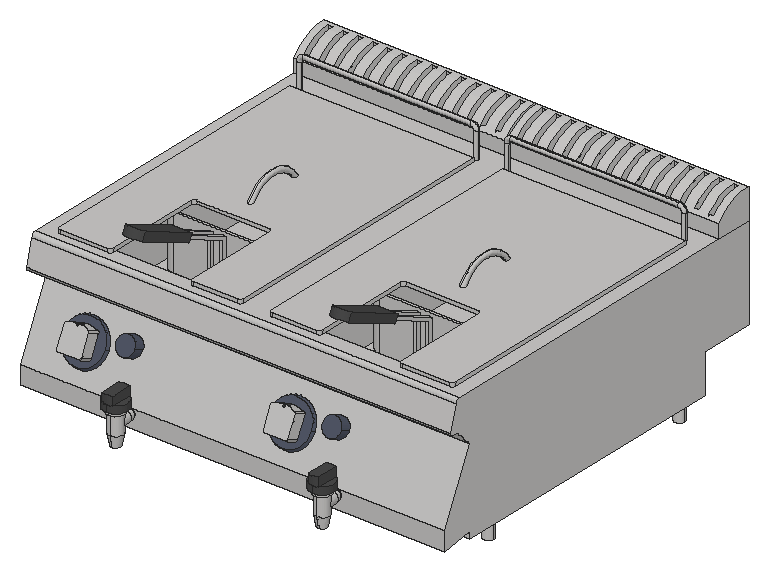
Revit family "QF_ZANUSSI_372067_Z7FRGH2B00", category Specialty Equipment, Revit 2018
Family settings
  Round Connector Dimension = Use Diameter
  Part Type = Normal
  Work Plane-Based = No
  Always vertical = Yes
  Cut with Voids When Loaded = No
  Shared = No
  Room Calculation Point = No
Parameters
  Width = 800 mm  # constant formula
  Weight in Pounds = 132  # constant formula
  Weight = 0.00 kg
  Watts = 0 W
  Volts = 0 V
  URL Manufacturer = "http://www.zanussiprofessional.com"
  URL Cutsheet = "www.electrolux.com/foodservice"
  URL = "http://www.zanussiprofessional.com"
  Type Mark [instance] = ""
  Steam Supply Size = 0"
  Steam Supply Minimum Pressure = 0.00 psi
  Steam Supply Maximum Pressure = 0.00 psi
  Steam Pounds per Hour = 0
  Status [instance] = ""
  Specification by User [instance] = ""
  Specification by Manufacturer = ""
  Show Logo [instance] = yes
  Show Clearance [instance] = yes
  Serial Number = ""
  Seismic Rating = ""
  SMACNA No = ""
  Revision Code [instance] = ""
  Refrigeration Suction Line Size = 0"
  Refrigeration Liquid Line Size = 0"
  Refrigerant Compressor Remote = yes
  Phase = 0
  Omniclass Number and Title = ""
  NAFEM Spec ID Number = ""
  Model = "Z7FRGH2B00"
  Mechanical Remarks [instance] = ""
  Mechanical Connection Type [instance] = ""
  Masterspec = ""
  Manufacturer = "Zanussi"
  Length Actual = 800 mm  # constant formula
  Item Number [instance] = "372067"
  Installed By [instance] = ""
  Identify Quantity as Lot [instance] = yes
  Hot Water Size = 0"
  Height Actual = 250 mm  # constant formula
  Height = 333 mm  # constant formula
  HP = "0 HP"
  Gas Size = 1/2"  # constant formula
  Gas RI Height [instance] = 0 mm
  Gas KW [instance] = 14  # constant formula
  Gas Input [instance] = 47726.0 Btu/h  # constant formula
  Gas Connection Height = 0 mm
  Furnished By [instance] = ""
  Foodservice Equipment Identifier [instance] = yes
  Direct Waste Size = 0"
  Description = "2X7 LITRE GAS FRYER TOP 800 MM"
  Depth Actual = 700 mm  # constant formula
  Depth = 715 mm  # constant formula
  Cycle = 0 Hz
  Condensate Return Size = 0"
  Compressed Air Volume = 0 GPM
  Compressed Air Size = 0"
  Compressed Air Pressure = 0.00 psi
  Cold Water Size = 0"
  CSI MasterFormat = ""
  CSI Master Format = ""
  Base Height [instance] = 25 mm  # constant formula
  Accessory = yes
Reference planes
  plane 1 "BACK": y = 0
  plane 2: z = 0
  plane 3 "LEFT": x = 0
  plane 4 "RIGHT": x = 800
  plane 5 "FRONT": y = -715
  plane 6 "TOP": z = 333
  plane 7 "Center Y": x = 400
  plane 8 "Center X": y = -357.5
  plane 9 "BASE": z = 25
  plane 10 "TOP A": z = 275
  plane 11: y = -597.884
  plane 12: y = -147.637
  plane 13: z = 366.313
  plane 14 "panel": through (-6096, -715, 65.146) normal (0, 0.8956, -0.4448)
Forms (mm)
  Extrusion 1, solid, material "QF_Finishes_Stainless Steel"
    sketch origin (0, 0, 0) x (0, 1, 0) y (0, 0, 1)
      loop
        line (0, 99) -> (0, 275) -> (-679.358, 275)
        arc (-679.358, 275) -> (-684.643, 272.811) -> (-686.833, 267.526) r 7.474
        line (-686.833, 267.526) -> (-699.884, 222.011)
        arc (-699.884, 222.011) -> (-699.396, 219.379) -> (-697, 218.184) r 3
        line (-697, 218.184) -> (-686.802, 218.184) -> (-654.982, 186.364) -> (-715, 65.508) -> (-715, 30.508) -> (-658.645, 38.428)
        arc (-658.645, 38.428) -> (-656.101, 37.674) -> (-655, 35.259) r 3.2
        line (-655, 35.259) -> (-655, 25) -> (-103, 25) -> (-103, 99) -> (0, 99)
    from 0 to 800
  Extrusion 2, solid, material "QF_Finishes_Stainless Steel"
    sketch origin (0, 0, 0) x (0, 1, 0) y (0, 0, 1)
      loop
        line (0, 275) -> (0, 333)
        arc (0, 333) -> (-38.715, 324.821) -> (-69.85, 300.4) r 87.358
        line (-69.85, 300.4) -> (-69.85, 275) -> (0, 275)
    from 0 to 800
  Extrusion 3, void
    sketch origin (0, 0, 275) x (-1, 0, 0) y (0, -1, 0)
      loop
        line (-33.338, 147.762) -> (-33.338, 651.138) -> (-373.012, 651.138) -> (-373.012, 147.762) -> (-33.338, 147.762)
      loop
        line (-766.662, 650.986) -> (-766.662, 147.762) -> (-426.987, 147.762) -> (-426.987, 650.986) -> (-766.662, 650.986)
    from 0 to -152.4
  Extrusion 4, void
    sketch origin (0, 0, 275) x (-1, 0, 0) y (0, -1, 0)
      loop
        line (-13.453, 6.761) -> (-13.453, 63.911) -> (-22.749, 63.911) -> (-22.749, 6.761) -> (-13.453, 6.761)
    from 25.4 to 63.5
  Extrusion 5, solid, material "QF_Finishes_Stainless Steel"
    sketch origin (0, 0, 0) x (1, 0, 0) y (0, 1, 0)
      loop
        circle (11.112, -147.638) r 9.525
      loop
        circle (11.112, -597.884) r 9.525
      loop
        circle (788.887, -147.638) r 9.525
      loop
        circle (788.887, -597.884) r 9.525
    from 0 to 25
  Revolve 6, solid, material "QF_Finishes_Stainless Steel"
    sketch origin (206.375, 0, 0) x (0, 1, 0) y (0, 0, 1)
      loop
        line (-747.926, 16.877) -> (-738.917, 16.877) -> (-735.301, 37.388) -> (-735.301, 73.729) -> (-732.023, 73.729) -> (-732.023, 81.608) -> (-725.673, 81.608) -> (-725.673, 94.308) -> (-747.926, 94.308) -> (-747.926, 16.877)
      axis (-747.926, 16.877) -> (-747.926, 94.308)
    angle from 0 to 360
  Revolve 7, solid, material "QF_Finishes_Stainless Steel"
    sketch origin (206.375, 0, 0) x (0, 1, 0) y (0, 0, 1)
      loop
        line (-698.522, 56.75) -> (-749.322, 56.75) -> (-749.322, 44.447) -> (-727.357, 44.447) -> (-727.357, 46.149) -> (-718.364, 46.149) -> (-718.364, 48.196) -> (-698.522, 48.196) -> (-698.522, 56.75)
      axis (-749.322, 56.75) -> (-698.522, 56.75)
    angle from 0 to 360
  Revolve 8, solid, material "QF_Finishes_Stainless Steel"
    sketch origin (595.312, 0, 0) x (0, 1, 0) y (0, 0, 1)
      loop
        line (-747.926, 16.877) -> (-738.917, 16.877) -> (-735.301, 37.388) -> (-735.301, 73.729) -> (-732.023, 73.729) -> (-732.023, 81.608) -> (-725.673, 81.608) -> (-725.673, 94.308) -> (-747.926, 94.308) -> (-747.926, 16.877)
      axis (-747.926, 16.877) -> (-747.926, 94.308)
    angle from 0 to 360
  Revolve 9, solid, material "QF_Finishes_Stainless Steel"
    sketch origin (595.312, 0, 0) x (0, 1, 0) y (0, 0, 1)
      loop
        line (-698.522, 56.75) -> (-749.322, 56.75) -> (-749.322, 44.447) -> (-727.357, 44.447) -> (-727.357, 46.149) -> (-718.364, 46.149) -> (-718.364, 48.196) -> (-698.522, 48.196) -> (-698.522, 56.75)
      axis (-749.322, 56.75) -> (-698.522, 56.75)
    angle from 0 to 360
  Extrusion 10, solid, material "QF_Finishes_Black"
    sketch origin (206.375, -747.926, 94.308) x (0, 1, 0) y (-1, 0, 0)
      loop
        line (20.063, 9.626) -> (-20.063, 9.626)
        arc (-20.063, 9.626) -> (-22.253, 0) -> (-20.063, -9.626) r 22.253
        line (-20.063, -9.626) -> (20.063, -9.626)
        arc (20.063, -9.626) -> (22.253, 0) -> (20.063, 9.626) r 22.253
      loop
        line (20.063, -379.312) -> (-20.063, -379.312)
        arc (-20.063, -379.312) -> (-22.253, -388.937) -> (-20.063, -398.563) r 22.253
        line (-20.063, -398.563) -> (20.063, -398.563)
        arc (20.063, -398.563) -> (22.253, -388.937) -> (20.063, -379.312) r 22.253
    from 0 to 16.412
  Extrusion 11, solid, material "QF_Finishes_Stainless Steel"
    sketch origin (0, -101.6, 103.188) x (0, 0, -1) y (-1, 0, 0)
      loop
        circle (44.282, -736.5) r 6.35
    from 0 to 12.7
  Extrusion 12, solid, material "QF_Finishes_Clearance", visible <- "Show Clearance", detail levels coarse
    sketch origin (0, 0, 0) x (1, 0, 0) y (0, 1, 0)
      loop
        line (0, -715) -> (0, 0) -> (800, 0) -> (800, -715) -> (950.019, -715) -> (950.019, 150.019) -> (-150.019, 150.019) -> (-150.019, -715) -> (0, -715)
    from 0 to 333
  Extrusion 13, solid, material "QF_Finishes_Stainless Steel"
    sketch origin (0, 0, 274.638) x (-1, 0, 0) y (0, -1, 0)
      loop
        arc (-26.988, 655.762) -> (-28.847, 660.252) -> (-33.338, 662.112) r 6.35
        line (-33.338, 662.112) -> (-122.238, 662.112)
        arc (-122.238, 662.112) -> (-126.728, 660.252) -> (-128.588, 655.762) r 6.35
        line (-128.588, 655.762) -> (-128.588, 473.512)
        arc (-128.588, 473.512) -> (-130.447, 469.021) -> (-134.938, 467.162) r 6.35
        line (-134.938, 467.162) -> (-271.412, 467.162)
        arc (-271.412, 467.162) -> (-275.903, 469.021) -> (-277.762, 473.512) r 6.35
        line (-277.762, 473.512) -> (-277.762, 655.762)
        arc (-277.762, 655.762) -> (-279.622, 660.252) -> (-284.112, 662.112) r 6.35
        line (-284.112, 662.112) -> (-366.662, 662.112)
        arc (-366.662, 662.112) -> (-371.153, 660.252) -> (-373.012, 655.762) r 6.35
        line (-373.012, 655.762) -> (-373.012, 112.837) -> (-26.988, 112.837) -> (-26.988, 655.762)
      loop
        line (-773.012, 655.762) -> (-773.012, 112.837) -> (-426.987, 112.837) -> (-426.987, 655.762)
        arc (-426.987, 655.762) -> (-428.847, 660.252) -> (-433.337, 662.112) r 6.35
        line (-433.337, 662.112) -> (-515.887, 662.112)
        arc (-515.887, 662.112) -> (-520.378, 660.252) -> (-522.237, 655.762) r 6.35
        line (-522.237, 655.762) -> (-522.237, 473.512)
        arc (-522.237, 473.512) -> (-524.097, 469.021) -> (-528.587, 467.162) r 6.35
        line (-528.587, 467.162) -> (-665.062, 467.162)
        arc (-665.062, 467.162) -> (-669.553, 469.021) -> (-671.412, 473.512) r 6.35
        line (-671.412, 473.512) -> (-671.412, 655.762)
        arc (-671.412, 655.762) -> (-673.272, 660.252) -> (-677.762, 662.112) r 6.35
        line (-677.762, 662.112) -> (-766.662, 662.112)
        arc (-766.662, 662.112) -> (-771.153, 660.252) -> (-773.012, 655.762) r 6.35
    from 0 to 6.35
  Sweep 14, solid, material "QF_Finishes_Stainless Steel"
    path origin (0, 36.513, 0) x (1, 0, 0) y (0, 0, 1)
      loop
        line (39.688, 275) -> (39.688, 323.475)
        arc (39.688, 323.475) -> (41.547, 327.965) -> (46.038, 329.825) r 6.35
        line (46.038, 329.825) -> (362.669, 329.825)
        arc (362.669, 329.825) -> (367.16, 327.965) -> (369.019, 323.475) r 6.35
        line (369.019, 323.475) -> (369.019, 275)
    profile origin (39.688, 36.513, 299.238) x (-1, 0, 0) y (0, -1, 0)
      loop
        circle (2.09, 140.754) r 3.827
  Extrusion 15, solid, material "QF_Finishes_Black"
    sketch origin (271.462, -708.83, 366.66) x (0, 0.906308, -0.422618) y (-1, 0, 0)
      loop
        line (10.103, 47.37) -> (128.716, 47.37) -> (128.716, 84.605) -> (10.103, 84.605)
        arc (10.103, 84.605) -> (-0.124, 65.987) -> (10.103, 47.37) r 22.059
    from -15.884 to 0
  Extrusion 16, solid, material "QF_Finishes_Stainless Steel"
    sketch origin (271.463, 41.275, 0) x (0, 1, 0) y (0, 0, 1)
      loop
        line (-547.91, 166) -> (-547.91, 267.478) -> (-635.463, 308.305) -> (-638.147, 302.55) -> (-554.26, 263.433) -> (-554.26, 166) -> (-547.91, 166)
    from -80.476 to -74.619
  Extrusion 17, solid, material "QF_Finishes_Stainless Steel"
    sketch origin (139.588, 41.275, 0) x (0, 1, 0) y (0, 0, -1)
      loop
        line (-554.26, -263.433) -> (-638.147, -302.55) -> (-635.463, -308.305) -> (-547.91, -267.478) -> (-547.91, -166) -> (-554.26, -166) -> (-554.26, -263.433)
    from -80.476 to -74.619
  Sweep 18, solid, material "QF_Finishes_Stainless Steel"
    path origin (200.025, -0.124, 0) x (0, 1, 0) y (0, 0, 1)
      loop
        arc (-315.761, 275) -> (-370.2, 308.779) -> (-424.639, 275) r 60.757
    profile origin (200.025, -370.324, 308.779) x (0, 0, -1) y (1, 0, 0)
      loop
        circle (0, 0) r 4.353
  Sweep 19, solid, material "QF_Finishes_Stainless Steel"
    path origin (600.075, -0.124, 0) x (0, 1, 0) y (0, 0, -1)
      loop
        arc (-315.761, -275) -> (-370.2, -308.779) -> (-424.639, -275) r 60.757
    profile origin (600.075, -370.324, 308.779) x (0, 0, 1) y (-1, 0, 0)
      loop
        circle (0, 0) r 4.353
  Extrusion 20, solid, material "QF_Finishes_Black"
    sketch origin (528.637, -708.83, 366.66) x (0, 0.906308, -0.422618) y (-1, 0, 0)
      loop
        arc (10.103, -47.27) -> (-0.124, -65.887) -> (10.103, -84.505) r 22.059
        line (10.103, -84.505) -> (128.716, -84.505) -> (128.716, -47.27) -> (10.103, -47.27)
    from -15.884 to 0
  Extrusion 21, solid, material "QF_Finishes_Mesh"
    sketch origin (0, 0, 275) x (-1, 0, 0) y (0, -1, 0)
      loop
        arc (-116.625, 189.135) -> (-98.665, 196.575) -> (-91.225, 214.535) r 25.4
        line (-91.225, 214.535) -> (-91.225, 473.61)
        arc (-91.225, 473.61) -> (-98.665, 491.571) -> (-116.625, 499.01) r 25.4
        line (-116.625, 499.01) -> (-294.375, 499.01)
        arc (-294.375, 499.01) -> (-312.336, 491.571) -> (-319.775, 473.61) r 25.4
        line (-319.775, 473.61) -> (-319.775, 214.535)
        arc (-319.775, 214.535) -> (-312.336, 196.575) -> (-294.375, 189.135) r 25.4
        line (-294.375, 189.135) -> (-116.625, 189.135)
      loop
        arc (-116.625, 192.31) -> (-100.91, 198.82) -> (-94.4, 214.535) r 22.225
        line (-94.4, 214.535) -> (-94.4, 473.61)
        arc (-94.4, 473.61) -> (-100.91, 489.326) -> (-116.625, 495.835) r 22.225
        line (-116.625, 495.835) -> (-294.375, 495.835)
        arc (-294.375, 495.835) -> (-310.091, 489.326) -> (-316.6, 473.61) r 22.225
        line (-316.6, 473.61) -> (-316.6, 214.535)
        arc (-316.6, 214.535) -> (-310.091, 198.82) -> (-294.375, 192.31) r 22.225
        line (-294.375, 192.31) -> (-116.625, 192.31)
      loop
        line (-683.375, 189.135) -> (-505.625, 189.135)
        arc (-505.625, 189.135) -> (-487.664, 196.575) -> (-480.225, 214.535) r 25.4
        line (-480.225, 214.535) -> (-480.225, 473.61)
        arc (-480.225, 473.61) -> (-487.664, 491.571) -> (-505.625, 499.01) r 25.4
        line (-505.625, 499.01) -> (-683.375, 499.01)
        arc (-683.375, 499.01) -> (-701.335, 491.571) -> (-708.775, 473.61) r 25.4
        line (-708.775, 473.61) -> (-708.775, 214.535)
        arc (-708.775, 214.535) -> (-701.335, 196.575) -> (-683.375, 189.135) r 25.4
      loop
        line (-683.375, 192.31) -> (-505.625, 192.31)
        arc (-505.625, 192.31) -> (-489.909, 198.82) -> (-483.4, 214.535) r 22.225
        line (-483.4, 214.535) -> (-483.4, 473.61)
        arc (-483.4, 473.61) -> (-489.909, 489.326) -> (-505.625, 495.835) r 22.225
        line (-505.625, 495.835) -> (-683.375, 495.835)
        arc (-683.375, 495.835) -> (-699.09, 489.326) -> (-705.6, 473.61) r 22.225
        line (-705.6, 473.61) -> (-705.6, 214.535)
        arc (-705.6, 214.535) -> (-699.09, 198.82) -> (-683.375, 192.31) r 22.225
    from -109 to -5.315
  Extrusion 22, solid, material "QF_Finishes_Stainless Steel"
    sketch origin (528.637, 41.275, 0) x (0, 1, 0) y (0, 0, -1)
      loop
        line (-547.91, -166) -> (-554.26, -166) -> (-554.26, -263.433) -> (-638.147, -302.55) -> (-635.463, -308.305) -> (-547.91, -267.478) -> (-547.91, -166)
    from -80.476 to -74.619
  Extrusion 23, solid, material "QF_Finishes_Stainless Steel"
    sketch origin (660.512, 41.275, 0) x (0, 1, 0) y (0, 0, 1)
      loop
        line (-554.26, 263.433) -> (-554.26, 166) -> (-547.91, 166) -> (-547.91, 267.478) -> (-635.463, 308.305) -> (-638.147, 302.55) -> (-554.26, 263.433)
    from -80.476 to -74.619
  Sweep 24, solid, material "QF_Finishes_Stainless Steel"
    path origin (800.1, 36.513, 0) x (-1, 0, 0) y (0, 0, -1)
      loop
        line (39.788, -275) -> (39.788, -323.475)
        arc (39.788, -323.475) -> (41.647, -327.965) -> (46.138, -329.825) r 6.35
        line (46.138, -329.825) -> (362.769, -329.825)
        arc (362.769, -329.825) -> (367.26, -327.965) -> (369.119, -323.475) r 6.35
        line (369.119, -323.475) -> (369.119, -275)
    profile origin (760.312, 36.513, 299.238) x (-1, 0, 0) y (0, -1, 0)
      loop
        circle (-2.09, 140.754) r 3.827
  Extrusion 25, void
    sketch origin (361.95, 0, 275) x (-1, 0, 0) y (0, -1, 0)
      loop
        line (-13.403, 6.761) -> (-13.403, 63.911) -> (-22.699, 63.911) -> (-22.699, 6.761) -> (-13.403, 6.761)
    from 25.4 to 63.5
  Extrusion 26, void
    sketch origin (27.842, 0, 275) x (-1, 0, 0) y (0, -1, 0)
      loop
        line (-13.453, 6.761) -> (-13.453, 63.911) -> (-22.749, 63.911) -> (-22.749, 6.761) -> (-13.453, 6.761)
    from 25.4 to 63.5
  Extrusion 27, void
    sketch origin (55.685, 0, 275) x (-1, 0, 0) y (0, -1, 0)
      loop
        line (-13.453, 6.761) -> (-13.453, 63.911) -> (-22.749, 63.911) -> (-22.749, 6.761) -> (-13.453, 6.761)
    from 25.4 to 63.5
  Extrusion 28, void
    sketch origin (83.527, 0, 275) x (-1, 0, 0) y (0, -1, 0)
      loop
        line (-13.453, 6.761) -> (-13.453, 63.911) -> (-22.749, 63.911) -> (-22.749, 6.761) -> (-13.453, 6.761)
    from 25.4 to 63.5
  Extrusion 29, void
    sketch origin (111.369, 0, 275) x (-1, 0, 0) y (0, -1, 0)
      loop
        line (-13.453, 6.761) -> (-13.453, 63.911) -> (-22.749, 63.911) -> (-22.749, 6.761) -> (-13.453, 6.761)
    from 25.4 to 63.5
  Extrusion 30, void
    sketch origin (139.212, 0, 275) x (-1, 0, 0) y (0, -1, 0)
      loop
        line (-13.453, 6.761) -> (-13.453, 63.911) -> (-22.749, 63.911) -> (-22.749, 6.761) -> (-13.453, 6.761)
    from 25.4 to 63.5
  Extrusion 31, void
    sketch origin (167.054, 0, 275) x (-1, 0, 0) y (0, -1, 0)
      loop
        line (-13.453, 6.761) -> (-13.453, 63.911) -> (-22.749, 63.911) -> (-22.749, 6.761) -> (-13.453, 6.761)
    from 25.4 to 63.5
  Extrusion 32, void
    sketch origin (194.896, 0, 275) x (-1, 0, 0) y (0, -1, 0)
      loop
        line (-13.403, 6.761) -> (-13.403, 63.911) -> (-22.699, 63.911) -> (-22.699, 6.761) -> (-13.403, 6.761)
    from 25.4 to 63.5
  Extrusion 33, void
    sketch origin (222.738, 0, 275) x (-1, 0, 0) y (0, -1, 0)
      loop
        line (-13.403, 6.761) -> (-13.403, 63.911) -> (-22.699, 63.911) -> (-22.699, 6.761) -> (-13.403, 6.761)
    from 25.4 to 63.5
  Extrusion 34, void
    sketch origin (250.581, 0, 275) x (-1, 0, 0) y (0, -1, 0)
      loop
        line (-13.403, 6.761) -> (-13.403, 63.911) -> (-22.699, 63.911) -> (-22.699, 6.761) -> (-13.403, 6.761)
    from 25.4 to 63.5
  Extrusion 35, void
    sketch origin (278.423, 0, 275) x (-1, 0, 0) y (0, -1, 0)
      loop
        line (-13.403, 6.761) -> (-13.403, 63.911) -> (-22.699, 63.911) -> (-22.699, 6.761) -> (-13.403, 6.761)
    from 25.4 to 63.5
  Extrusion 36, void
    sketch origin (306.265, 0, 275) x (-1, 0, 0) y (0, -1, 0)
      loop
        line (-13.403, 6.761) -> (-13.403, 63.911) -> (-22.699, 63.911) -> (-22.699, 6.761) -> (-13.403, 6.761)
    from 25.4 to 63.5
  Extrusion 37, void
    sketch origin (334.108, 0, 275) x (-1, 0, 0) y (0, -1, 0)
      loop
        line (-13.403, 6.761) -> (-13.403, 63.911) -> (-22.699, 63.911) -> (-22.699, 6.761) -> (-13.403, 6.761)
    from 25.4 to 63.5
  Extrusion 38, void
    sketch origin (800.1, 0, 275) x (1, 0, 0) y (0, 1, 0)
      loop
        line (-13.553, -6.761) -> (-22.849, -6.761) -> (-22.849, -63.911) -> (-13.553, -63.911) -> (-13.553, -6.761)
    from 25.4 to 63.5
  Extrusion 39, void
    sketch origin (438.15, 0, 275) x (1, 0, 0) y (0, 1, 0)
      loop
        line (-13.503, -6.761) -> (-22.799, -6.761) -> (-22.799, -63.911) -> (-13.503, -63.911) -> (-13.503, -6.761)
    from 25.4 to 63.5
  Extrusion 40, void
    sketch origin (772.258, 0, 275) x (1, 0, 0) y (0, 1, 0)
      loop
        line (-13.553, -6.761) -> (-22.849, -6.761) -> (-22.849, -63.911) -> (-13.553, -63.911) -> (-13.553, -6.761)
    from 25.4 to 63.5
  Extrusion 41, void
    sketch origin (744.415, 0, 275) x (1, 0, 0) y (0, 1, 0)
      loop
        line (-13.553, -6.761) -> (-22.849, -6.761) -> (-22.849, -63.911) -> (-13.553, -63.911) -> (-13.553, -6.761)
    from 25.4 to 63.5
  Extrusion 42, void
    sketch origin (716.573, 0, 275) x (1, 0, 0) y (0, 1, 0)
      loop
        line (-13.553, -6.761) -> (-22.849, -6.761) -> (-22.849, -63.911) -> (-13.553, -63.911) -> (-13.553, -6.761)
    from 25.4 to 63.5
  Extrusion 43, void
    sketch origin (688.731, 0, 275) x (1, 0, 0) y (0, 1, 0)
      loop
        line (-13.553, -6.761) -> (-22.849, -6.761) -> (-22.849, -63.911) -> (-13.553, -63.911) -> (-13.553, -6.761)
    from 25.4 to 63.5
  Extrusion 44, void
    sketch origin (660.888, 0, 275) x (1, 0, 0) y (0, 1, 0)
      loop
        line (-13.553, -6.761) -> (-22.849, -6.761) -> (-22.849, -63.911) -> (-13.553, -63.911) -> (-13.553, -6.761)
    from 25.4 to 63.5
  Extrusion 45, void
    sketch origin (633.046, 0, 275) x (1, 0, 0) y (0, 1, 0)
      loop
        line (-13.553, -6.761) -> (-22.849, -6.761) -> (-22.849, -63.911) -> (-13.553, -63.911) -> (-13.553, -6.761)
    from 25.4 to 63.5
  Extrusion 46, void
    sketch origin (605.204, 0, 275) x (1, 0, 0) y (0, 1, 0)
      loop
        line (-13.503, -6.761) -> (-22.799, -6.761) -> (-22.799, -63.911) -> (-13.503, -63.911) -> (-13.503, -6.761)
    from 25.4 to 63.5
  Extrusion 47, void
    sketch origin (577.362, 0, 275) x (1, 0, 0) y (0, 1, 0)
      loop
        line (-13.503, -6.761) -> (-22.799, -6.761) -> (-22.799, -63.911) -> (-13.503, -63.911) -> (-13.503, -6.761)
    from 25.4 to 63.5
  Extrusion 48, void
    sketch origin (549.519, 0, 275) x (1, 0, 0) y (0, 1, 0)
      loop
        line (-13.503, -6.761) -> (-22.799, -6.761) -> (-22.799, -63.911) -> (-13.503, -63.911) -> (-13.503, -6.761)
    from 25.4 to 63.5
  Extrusion 49, void
    sketch origin (521.677, 0, 275) x (1, 0, 0) y (0, 1, 0)
      loop
        line (-13.503, -6.761) -> (-22.799, -6.761) -> (-22.799, -63.911) -> (-13.503, -63.911) -> (-13.503, -6.761)
    from 25.4 to 63.5
  Extrusion 50, void
    sketch origin (493.835, 0, 275) x (1, 0, 0) y (0, 1, 0)
      loop
        line (-13.503, -6.761) -> (-22.799, -6.761) -> (-22.799, -63.911) -> (-13.503, -63.911) -> (-13.503, -6.761)
    from 25.4 to 63.5
  Extrusion 51, void
    sketch origin (465.992, 0, 275) x (1, 0, 0) y (0, 1, 0)
      loop
        line (-13.503, -6.761) -> (-22.799, -6.761) -> (-22.799, -63.911) -> (-13.503, -63.911) -> (-13.503, -6.761)
    from 25.4 to 63.5
  Extrusion 52, void
    sketch origin (418.151, 0, 275) x (1, 0, 0) y (0, 1, 0)
      loop
        line (-16.563, 0) -> (-19.738, 0) -> (-19.738, -69.85) -> (-16.563, -69.85) -> (-16.563, 0)
    from 25.4 to 63.5
  Blend 53, solid, material "QF_Finishes_Navy Blue"
    base sketch origin (100, -684.991, 125.574) x (1, 0, 0) y (0, 0.444781, 0.895639)
      loop
        circle (0, 0) r 42.5
    top sketch origin (100, -684.991, 125.574) x (1, 0, 0) y (0, 0.444781, 0.895639)
      loop
        circle (0, 0) r 40.5
    from 0 to 5
  Extrusion 54, solid, material "QF_Finishes_Stainless Steel"
    sketch origin (100, -684.991, 125.574) x (1, 0, 0) y (0, 0.444781, 0.895639)
      loop
        arc (-21.147, 22.789) -> (-22.494, 21.685) -> (-23, 20.019) r 2.997
        line (-23, 20.019) -> (-23, -20.019)
        arc (-23, -20.019) -> (-22.122, -22.138) -> (-20.003, -23.016) r 2.997
        line (-20.003, -23.016) -> (20.003, -23.016)
        arc (20.003, -23.016) -> (22.122, -22.138) -> (23, -20.019) r 2.997
        line (23, -20.019) -> (23, 20.019)
        arc (23, 20.019) -> (22.494, 21.685) -> (21.147, 22.789) r 2.997
        arc (21.147, 22.789) -> (0, 26.984) -> (-21.147, 22.789) r 55.4
    from 10 to 34
  Extrusion 55, solid, material "QF_Finishes_Stainless Steel"
    sketch origin (100, -684.991, 125.574) x (1, 0, 0) y (0, 0.444781, 0.895639)
      loop
        line (17.5, 17.5) -> (-17.5, 17.5) -> (-17.5, -17.5) -> (17.5, -17.5) -> (17.5, 17.5)
    from 5 to 10
  Extrusion 56, solid, material "QF_Plastic-Black-Matte"
    sketch origin (42.5, -684.991, 125.574) x (0, 0.444781, 0.895639) y (0, 0.895639, -0.444781)
      loop
        line (26.984, -34) -> (23.984, -34) -> (23.984, -35) -> (26.984, -35)
        arc (26.984, -35) -> (27.691, -34.707) -> (27.984, -34) r 1
        line (27.984, -34) -> (27.984, -19) -> (26.984, -19) -> (26.984, -34)
    from -58.5 to -56.5
  Extrusion 57, solid, material "QF_Finishes_Navy Blue"
    sketch origin (239.001, -676.095, 143.486) x (1, 0, 0) y (0, 0.444781, 0.895639)
      loop
        circle (-55.001, 0) r 18
    from 3 to 23
  Extrusion 58, solid, material "QF_Finishes_Stainless Steel"
    sketch origin (100, -676.095, 143.486) x (1, 0, 0) y (0, 0.444781, 0.895639)
      loop
        circle (84, 0) r 15
    from 3 to 0
  Blend 59, solid, material "QF_Finishes_Navy Blue"
    base sketch origin (488.937, -684.991, 125.574) x (1, 0, 0) y (0, 0.444781, 0.895639)
      loop
        circle (0, 0) r 42.5
    top sketch origin (488.937, -684.991, 125.574) x (1, 0, 0) y (0, 0.444781, 0.895639)
      loop
        circle (0, 0) r 40.5
    from 0 to 5
  Extrusion 60, solid, material "QF_Finishes_Stainless Steel"
    sketch origin (488.937, -684.991, 125.574) x (1, 0, 0) y (0, 0.444781, 0.895639)
      loop
        arc (-21.147, 22.789) -> (-22.494, 21.685) -> (-23, 20.019) r 2.997
        line (-23, 20.019) -> (-23, -20.019)
        arc (-23, -20.019) -> (-22.122, -22.138) -> (-20.003, -23.016) r 2.997
        line (-20.003, -23.016) -> (20.003, -23.016)
        arc (20.003, -23.016) -> (22.122, -22.138) -> (23, -20.019) r 2.997
        line (23, -20.019) -> (23, 20.019)
        arc (23, 20.019) -> (22.494, 21.685) -> (21.147, 22.789) r 2.997
        arc (21.147, 22.789) -> (0, 26.984) -> (-21.147, 22.789) r 55.4
    from 10 to 34
  Extrusion 61, solid, material "QF_Finishes_Stainless Steel"
    sketch origin (488.937, -684.991, 125.574) x (1, 0, 0) y (0, 0.444781, 0.895639)
      loop
        line (17.5, 17.5) -> (-17.5, 17.5) -> (-17.5, -17.5) -> (17.5, -17.5) -> (17.5, 17.5)
    from 5 to 10
  Extrusion 62, solid, material "QF_Plastic-Black-Matte"
    sketch origin (431.437, -684.991, 125.574) x (0, 0.444781, 0.895639) y (0, 0.895639, -0.444781)
      loop
        line (26.984, -34) -> (23.984, -34) -> (23.984, -35) -> (26.984, -35)
        arc (26.984, -35) -> (27.691, -34.707) -> (27.984, -34) r 1
        line (27.984, -34) -> (27.984, -19) -> (26.984, -19) -> (26.984, -34)
    from -58.5 to -56.5
  Extrusion 63, solid, material "QF_Finishes_Navy Blue"
    sketch origin (627.939, -676.095, 143.486) x (1, 0, 0) y (0, 0.444781, 0.895639)
      loop
        circle (-55.001, 0) r 18
    from 3 to 23
  Extrusion 64, solid, material "QF_Finishes_Stainless Steel"
    sketch origin (488.937, -676.095, 143.486) x (1, 0, 0) y (0, 0.444781, 0.895639)
      loop
        circle (84, 0) r 15
    from 3 to 0
Cuts and joins
  Extrusion 3, Extrusion 4 cuts Extrusion 1
  Extrusion 4, Extrusion 25, Extrusion 26, Extrusion 27, Extrusion 28, Extrusion 29, Extrusion 30, Extrusion 31, Extrusion 32, Extrusion 33, Extrusion 34, Extrusion 35, Extrusion 36, Extrusion 37, Extrusion 38, Extrusion 39, Extrusion 40, Extrusion 41, Extrusion 42, Extrusion 43, Extrusion 44, Extrusion 45, Extrusion 46, Extrusion 47, Extrusion 48, Extrusion 49, Extrusion 50, Extrusion 51, Extrusion 52 cuts Extrusion 2
  joined: Extrusion 13, Sweep 18, Sweep 19
  Extrusion 25, Extrusion 26, Extrusion 27, Extrusion 28, Extrusion 29, Extrusion 30, Extrusion 31, Extrusion 32, Extrusion 33, Extrusion 34, Extrusion 35, Extrusion 36, Extrusion 37, Extrusion 38, Extrusion 39, Extrusion 40, Extrusion 41, Extrusion 42, Extrusion 43, Extrusion 44, Extrusion 45, Extrusion 46, Extrusion 47, Extrusion 48, Extrusion 49, Extrusion 50, Extrusion 51, Extrusion 52 cuts Extrusion 12
Lines and regions (mm)
  Split face 1
    outline origin (100, -689.469, 127.797) x (1, 0, 0) y (0, 0.444781, 0.895639)
      loop
        circle (-30.633, -14.752) r 1.5
  Split face 2
    outline origin (100, -689.469, 127.797) x (1, 0, 0) y (0, 0.444781, 0.895639)
      loop
        circle (-21.199, -26.582) r 1.5
  Split face 3
    outline origin (100, -689.469, 127.797) x (1, 0, 0) y (0, 0.444781, 0.895639)
      loop
        circle (-7.566, -33.148) r 1.5
  Split face 4
    outline origin (100, -689.469, 127.797) x (1, 0, 0) y (0, 0.444781, 0.895639)
      loop
        circle (7.566, -33.148) r 1.5
  Split face 5
    outline origin (100, -689.469, 127.797) x (1, 0, 0) y (0, 0.444781, 0.895639)
      loop
        circle (21.199, -26.582) r 1.5
  Split face 6
    outline origin (100, -689.469, 127.797) x (1, 0, 0) y (0, 0.444781, 0.895639)
      loop
        circle (30.633, -14.752) r 1.5
  Split face 7
    outline origin (100, -689.469, 127.797) x (1, 0, 0) y (0, 0.444781, 0.895639)
      loop
        circle (34, 0) r 1.5
  Split face 8
    outline origin (100, -689.469, 127.797) x (1, 0, 0) y (0, 0.444781, 0.895639)
      loop
        circle (-21.199, 26.582) r 2.5
  Split face 9
    outline origin (100, -689.469, 127.797) x (1, 0, 0) y (0, 0.444781, 0.895639)
      loop
        circle (0, 35.811) r 2.031
  Split face 10
    outline origin (100, -689.469, 127.797) x (1, 0, 0) y (0, -0.444781, -0.895639)
      loop
        circle (30.633, -14.752) r 1.5
  Split face 11
    outline origin (100, -689.469, 127.797) x (1, 0, 0) y (0, -0.444781, -0.895639)
      loop
        circle (21.199, -26.582) r 1.5
  Split face 12
    outline origin (488.937, -689.469, 127.797) x (1, 0, 0) y (0, 0.444781, 0.895639)
      loop
        circle (-30.633, -14.752) r 1.5
  Split face 13
    outline origin (488.937, -689.469, 127.797) x (1, 0, 0) y (0, 0.444781, 0.895639)
      loop
        circle (-21.199, -26.582) r 1.5
  Split face 14
    outline origin (488.937, -689.469, 127.797) x (1, 0, 0) y (0, 0.444781, 0.895639)
      loop
        circle (-7.566, -33.148) r 1.5
  Split face 15
    outline origin (488.937, -689.469, 127.797) x (1, 0, 0) y (0, 0.444781, 0.895639)
      loop
        circle (7.566, -33.148) r 1.5
  Split face 16
    outline origin (488.937, -689.469, 127.797) x (1, 0, 0) y (0, 0.444781, 0.895639)
      loop
        circle (21.199, -26.582) r 1.5
  Split face 17
    outline origin (488.937, -689.469, 127.797) x (1, 0, 0) y (0, 0.444781, 0.895639)
      loop
        circle (30.633, -14.752) r 1.5
  Split face 18
    outline origin (488.937, -689.469, 127.797) x (1, 0, 0) y (0, 0.444781, 0.895639)
      loop
        circle (34, 0) r 1.5
  Split face 19
    outline origin (488.937, -689.469, 127.797) x (1, 0, 0) y (0, 0.444781, 0.895639)
      loop
        circle (-21.199, 26.582) r 2.5
  Split face 20
    outline origin (488.937, -689.469, 127.797) x (1, 0, 0) y (0, 0.444781, 0.895639)
      loop
        circle (0, 35.811) r 2.031
  Split face 21
    outline origin (488.937, -689.469, 127.797) x (1, 0, 0) y (0, -0.444781, -0.895639)
      loop
        circle (30.633, -14.752) r 1.5
  Split face 22
    outline origin (488.937, -689.469, 127.797) x (1, 0, 0) y (0, -0.444781, -0.895639)
      loop
        circle (21.199, -26.582) r 1.5
  symbolic lines, style "QF-Clearances", visible <- "Show Clearance", detail levels coarse
    curve 1: line (-150.019, 150.019, 275) -> (-150.019, -716.377, 275)
    curve 2: line (950.019, 150.019, 275) -> (-150.019, 150.019, 275)
    curve 3: line (950.019, -716.377, 275) -> (950.019, 150.019, 275)
  symbolic lines
    curve 4: line (0, 0, 275) -> (800, 0, 275)
    curve 5: line (0, -715, 275) -> (0, 0, 275)
    curve 6: line (800, 0, 275) -> (800, -715, 275)
    curve 7: line (22.699, -6.761, 275) -> (22.699, -63.911, 275)
    curve 8: line (13.403, -63.911, 275) -> (13.403, -6.761, 275)
    curve 9: line (13.403, -6.761, 275) -> (22.699, -6.761, 275)
    curve 10: line (26.937, -112.837, 275) -> (26.937, -655.762, 275)
    curve 11: arc (26.937, -655.762, 275) -> (28.812, -660.287, 275) -> (33.338, -662.162, 275) r 6.4
    curve 12: line (33.338, -662.162, 275) -> (122.187, -662.162, 275)
    curve 13: arc (122.187, -662.162, 275) -> (126.678, -660.302, 275) -> (128.537, -655.812, 275) r 6.35
    curve 14: line (128.537, -655.812, 275) -> (128.537, -473.512, 275)
    curve 15: arc (128.537, -473.512, 275) -> (130.397, -469.021, 275) -> (134.887, -467.162, 275) r 6.35
    curve 16: line (134.887, -467.162, 275) -> (271.412, -467.162, 275)
    curve 17: arc (271.412, -467.162, 275) -> (275.903, -469.021, 275) -> (277.762, -473.512, 275) r 6.35
    curve 18: line (277.762, -473.512, 275) -> (277.762, -655.812, 275)
    curve 19: arc (277.762, -655.812, 275) -> (279.622, -660.302, 275) -> (284.112, -662.162, 275) r 6.35
    curve 20: line (284.112, -662.162, 275) -> (366.662, -662.162, 275)
    curve 21: arc (366.662, -662.162, 275) -> (371.153, -660.302, 275) -> (373.012, -655.812, 275) r 6.35
    curve 22: line (373.012, -655.812, 275) -> (373.012, -112.837, 275)
    curve 23: line (373.012, -112.837, 275) -> (26.937, -112.837, 275)
    curve 24: line (0, -69.85, 275) -> (398.412, -69.85, 275)
    curve 25: line (224.093, -706.436, 275) -> (224.093, -592.174, 275)
    curve 26: line (224.093, -592.174, 275) -> (186.858, -592.174, 275)
    curve 27: line (186.858, -592.174, 275) -> (186.858, -706.436, 275)
    curve 28: spline (224.093, -706.436, 275) -> (221.86, -709.098, 275) -> (219.17, -711.386, 275) -> (216.096, -713.235, 275) -> (212.725, -714.594, 275) -> (209.152, -715.425, 275) -> (205.475, -715.705, 275) -> (201.799, -715.425, 275) -> (198.225, -714.594, 275) -> (194.855, -713.235, 275) -> (191.781, -711.386, 275) -> (189.09, -709.098, 275) -> (186.858, -706.436, 275)
    curve 29: line (128.537, -655.812, 275) -> (186.858, -655.812, 275)
    curve 30: line (224.093, -655.812, 275) -> (277.762, -655.812, 275)
    curve 31: line (196.794, -499.01, 275) -> (196.794, -592.174, 275)
    curve 32: line (190.937, -592.174, 275) -> (190.937, -499.01, 275)
    curve 33: line (220.014, -499.01, 275) -> (220.014, -592.174, 275)
    curve 34: line (214.157, -592.174, 275) -> (214.157, -499.01, 275)
    curve 35: spline (186.858, -699.723, 275) -> (189.09, -702.386, 275) -> (191.781, -704.673, 275) -> (194.855, -706.523, 275) -> (198.225, -707.882, 275) -> (201.799, -708.713, 275) -> (205.475, -708.992, 275) -> (209.152, -708.713, 275) -> (212.725, -707.882, 275) -> (216.096, -706.523, 275) -> (219.17, -704.673, 275) -> (221.86, -702.386, 275) -> (224.093, -699.723, 275)
    curve 36: line (195.52, -420.932, 275) -> (195.52, -319.469, 275)
    curve 37: line (204.418, -319.469, 275) -> (204.418, -420.932, 275)
    curve 38: arc (195.52, -420.932, 275) -> (199.969, -425.382, 275) -> (204.418, -420.932, 275) r 4.449
    curve 39: arc (195.52, -319.469, 275) -> (199.969, -315.02, 275) -> (204.418, -319.469, 275) r 4.449
    curve 40: line (128.537, -495.835, 275) -> (277.762, -495.835, 275)
    curve 41: line (128.537, -499.01, 275) -> (277.762, -499.01, 275)
    curve 42: line (773.012, -112.837, 275) -> (773.012, -655.762, 275)
    curve 43: arc (773.012, -655.762, 275) -> (771.153, -660.252, 275) -> (766.662, -662.112, 275) r 6.35
    curve 44: line (766.662, -662.112, 275) -> (677.762, -662.112, 275)
    curve 45: arc (677.762, -662.112, 275) -> (673.272, -660.252, 275) -> (671.412, -655.762, 275) r 6.35
    curve 46: line (671.412, -655.762, 275) -> (671.412, -473.512, 275)
    curve 47: arc (671.413, -473.512, 275) -> (669.553, -469.021, 275) -> (665.063, -467.162, 275) r 6.35
    curve 48: line (665.063, -467.162, 275) -> (528.538, -467.162, 275)
    curve 49: arc (528.538, -467.162, 275) -> (524.047, -469.021, 275) -> (522.188, -473.512, 275) r 6.35
    curve 50: line (522.188, -473.512, 275) -> (522.188, -655.762, 275)
    curve 51: arc (522.188, -655.762, 275) -> (520.328, -660.252, 275) -> (515.838, -662.112, 275) r 6.35
    curve 52: line (515.838, -662.112, 275) -> (433.338, -662.112, 275)
    curve 53: arc (433.338, -662.112, 275) -> (428.847, -660.252, 275) -> (426.988, -655.762, 275) r 6.35
    curve 54: line (426.988, -655.762, 275) -> (426.988, -112.837, 275)
    curve 55: line (426.988, -112.837, 275) -> (773.012, -112.837, 275)
    curve 56: line (575.857, -706.386, 275) -> (575.857, -592.174, 275)
    curve 57: line (575.857, -592.174, 275) -> (613.092, -592.174, 275)
    curve 58: line (613.092, -592.174, 275) -> (613.092, -706.386, 275)
    curve 59: spline (575.857, -706.386, 275) -> (578.09, -709.048, 275) -> (580.78, -711.336, 275) -> (583.854, -713.185, 275) -> (587.225, -714.544, 275) -> (590.798, -715.375, 275) -> (594.475, -715.655, 275) -> (598.151, -715.375, 275) -> (601.725, -714.544, 275) -> (605.095, -713.185, 275) -> (608.169, -711.336, 275) -> (610.86, -709.048, 275) -> (613.092, -706.386, 275)
    curve 60: line (671.412, -655.762, 275) -> (613.092, -655.762, 275)
    curve 61: line (575.857, -655.762, 275) -> (522.188, -655.762, 275)
    curve 62: line (603.156, -499.01, 275) -> (603.156, -592.174, 275)
    curve 63: line (609.013, -592.174, 275) -> (609.013, -499.01, 275)
    curve 64: line (579.936, -499.01, 275) -> (579.936, -592.174, 275)
    curve 65: line (585.793, -592.174, 275) -> (585.793, -499.01, 275)
    curve 66: spline (613.092, -699.673, 275) -> (610.86, -702.336, 275) -> (608.169, -704.623, 275) -> (605.095, -706.473, 275) -> (601.725, -707.832, 275) -> (598.151, -708.663, 275) -> (594.475, -708.942, 275) -> (590.798, -708.663, 275) -> (587.225, -707.832, 275) -> (583.854, -706.473, 275) -> (580.78, -704.623, 275) -> (578.09, -702.336, 275) -> (575.857, -699.673, 275)
    curve 67: line (604.43, -420.932, 275) -> (604.43, -319.469, 275)
    curve 68: line (595.532, -319.469, 275) -> (595.532, -420.932, 275)
    curve 69: arc (604.43, -420.932, 275) -> (599.981, -425.382, 275) -> (595.532, -420.932, 275) r 4.449
    curve 70: arc (604.43, -319.469, 275) -> (599.981, -315.02, 275) -> (595.532, -319.469, 275) r 4.449
    curve 71: line (671.412, -495.835, 275) -> (522.188, -495.835, 275)
    curve 72: line (671.412, -499.01, 275) -> (522.188, -499.01, 275)
    curve 73: line (37.548, -100.414, 275) -> (371.109, -100.414, 275)
    curve 74: line (37.548, -108.069, 275) -> (37.548, -100.414, 275)
    curve 75: line (371.109, -108.069, 275) -> (37.548, -108.069, 275)
    curve 76: line (371.109, -100.414, 275) -> (371.109, -108.069, 275)
    curve 77: line (428.891, -100.414, 275) -> (762.402, -100.414, 275)
    curve 78: line (428.891, -108.069, 275) -> (428.891, -100.414, 275)
    curve 79: line (762.402, -108.069, 275) -> (428.891, -108.069, 275)
    curve 80: line (762.402, -100.414, 275) -> (762.402, -108.069, 275)
    curve 81: arc (206.325, -770.179, 275) -> (228.578, -747.926, 275) -> (206.325, -725.673, 275) r 22.253
    curve 82: arc (206.325, -725.673, 275) -> (184.072, -747.926, 275) -> (206.325, -770.179, 275) r 22.253
    curve 83: line (196.699, -727.863, 275) -> (196.699, -767.989, 275)
    curve 84: line (215.951, -767.989, 275) -> (215.951, -727.863, 275)
    curve 85: line (217.439, -728.647, 275) -> (217.439, -715, 275)
    curve 86: line (195.318, -728.586, 275) -> (195.318, -715, 275)
    curve 87: arc (593.625, -770.179, 275) -> (571.372, -747.926, 275) -> (593.625, -725.673, 275) r 22.253
    curve 88: arc (593.625, -725.673, 275) -> (615.878, -747.926, 275) -> (593.625, -770.179, 275) r 22.253
    curve 89: line (603.251, -727.863, 275) -> (603.251, -767.989, 275)
    curve 90: line (583.999, -767.989, 275) -> (583.999, -727.863, 275)
    curve 91: line (582.511, -728.647, 275) -> (582.511, -715, 275)
    curve 92: line (604.632, -728.586, 275) -> (604.632, -715, 275)
    curve 93: line (384.649, -6.761, 275) -> (384.649, -63.911, 275)
    curve 94: line (375.353, -63.911, 275) -> (375.353, -6.761, 275)
    curve 95: line (375.353, -6.761, 275) -> (384.649, -6.761, 275)
    curve 96: line (50.541, -6.761, 275) -> (50.541, -63.911, 275)
    curve 97: line (41.245, -63.911, 275) -> (41.245, -6.761, 275)
    curve 98: line (41.245, -6.761, 275) -> (50.541, -6.761, 275)
    curve 99: line (78.383, -6.761, 275) -> (78.383, -63.911, 275)
    curve 100: line (69.087, -63.911, 275) -> (69.087, -6.761, 275)
    curve 101: line (69.087, -6.761, 275) -> (78.383, -6.761, 275)
    curve 102: line (106.225, -6.761, 275) -> (106.225, -63.911, 275)
    curve 103: line (96.93, -63.911, 275) -> (96.93, -6.761, 275)
    curve 104: line (96.93, -6.761, 275) -> (106.225, -6.761, 275)
    curve 105: line (134.068, -6.761, 275) -> (134.068, -63.911, 275)
    curve 106: line (124.772, -63.911, 275) -> (124.772, -6.761, 275)
    curve 107: line (124.772, -6.761, 275) -> (134.068, -6.761, 275)
    curve 108: line (161.91, -6.761, 275) -> (161.91, -63.911, 275)
    curve 109: line (152.614, -63.911, 275) -> (152.614, -6.761, 275)
    curve 110: line (152.614, -6.761, 275) -> (161.91, -6.761, 275)
    curve 111: line (189.752, -6.761, 275) -> (189.752, -63.911, 275)
    curve 112: line (180.457, -63.911, 275) -> (180.457, -6.761, 275)
    curve 113: line (180.457, -6.761, 275) -> (189.752, -6.761, 275)
    curve 114: line (217.595, -6.761, 275) -> (217.595, -63.911, 275)
    curve 115: line (208.299, -63.911, 275) -> (208.299, -6.761, 275)
    curve 116: line (208.299, -6.761, 275) -> (217.595, -6.761, 275)
    curve 117: line (245.437, -6.761, 275) -> (245.437, -63.911, 275)
    curve 118: line (236.141, -63.911, 275) -> (236.141, -6.761, 275)
    curve 119: line (236.141, -6.761, 275) -> (245.437, -6.761, 275)
    curve 120: line (273.279, -6.761, 275) -> (273.279, -63.911, 275)
    curve 121: line (263.984, -63.911, 275) -> (263.984, -6.761, 275)
    curve 122: line (263.984, -6.761, 275) -> (273.279, -6.761, 275)
    curve 123: line (301.122, -6.761, 275) -> (301.122, -63.911, 275)
    curve 124: line (291.826, -63.911, 275) -> (291.826, -6.761, 275)
    curve 125: line (291.826, -6.761, 275) -> (301.122, -6.761, 275)
    curve 126: line (328.964, -6.761, 275) -> (328.964, -63.911, 275)
    curve 127: line (319.668, -63.911, 275) -> (319.668, -6.761, 275)
    curve 128: line (319.668, -6.761, 275) -> (328.964, -6.761, 275)
    curve 129: line (356.806, -6.761, 275) -> (356.806, -63.911, 275)
    curve 130: line (347.511, -63.911, 275) -> (347.511, -6.761, 275)
    curve 131: line (347.511, -6.761, 275) -> (356.806, -6.761, 275)
    curve 132: line (777.251, -6.761, 275) -> (777.251, -63.911, 275)
    curve 133: line (786.547, -63.911, 275) -> (786.547, -6.761, 275)
    curve 134: line (786.547, -6.761, 275) -> (777.251, -6.761, 275)
    curve 135: line (415.301, -6.761, 275) -> (415.301, -63.911, 275)
    curve 136: line (424.597, -63.911, 275) -> (424.597, -6.761, 275)
    curve 137: line (424.597, -6.761, 275) -> (415.301, -6.761, 275)
    curve 138: line (749.409, -6.761, 275) -> (749.409, -63.911, 275)
    curve 139: line (758.705, -63.911, 275) -> (758.705, -6.761, 275)
    curve 140: line (758.705, -6.761, 275) -> (749.409, -6.761, 275)
    curve 141: line (721.567, -6.761, 275) -> (721.567, -63.911, 275)
    curve 142: line (730.863, -63.911, 275) -> (730.863, -6.761, 275)
    curve 143: line (730.863, -6.761, 275) -> (721.567, -6.761, 275)
    curve 144: line (693.725, -6.761, 275) -> (693.725, -63.911, 275)
    curve 145: line (703.02, -63.911, 275) -> (703.02, -6.761, 275)
    curve 146: line (703.02, -6.761, 275) -> (693.725, -6.761, 275)
    curve 147: line (665.882, -6.761, 275) -> (665.882, -63.911, 275)
    curve 148: line (675.178, -63.911, 275) -> (675.178, -6.761, 275)
    curve 149: line (675.178, -6.761, 275) -> (665.882, -6.761, 275)
    curve 150: line (638.04, -6.761, 275) -> (638.04, -63.911, 275)
    curve 151: line (647.336, -63.911, 275) -> (647.336, -6.761, 275)
    curve 152: line (647.336, -6.761, 275) -> (638.04, -6.761, 275)
    curve 153: line (610.198, -6.761, 275) -> (610.198, -63.911, 275)
    curve 154: line (619.493, -63.911, 275) -> (619.493, -6.761, 275)
    curve 155: line (619.493, -6.761, 275) -> (610.198, -6.761, 275)
    curve 156: line (582.355, -6.761, 275) -> (582.355, -63.911, 275)
    curve 157: line (591.651, -63.911, 275) -> (591.651, -6.761, 275)
    curve 158: line (591.651, -6.761, 275) -> (582.355, -6.761, 275)
    curve 159: line (554.513, -6.761, 275) -> (554.513, -63.911, 275)
    curve 160: line (563.809, -63.911, 275) -> (563.809, -6.761, 275)
    curve 161: line (563.809, -6.761, 275) -> (554.513, -6.761, 275)
    curve 162: line (526.671, -6.761, 275) -> (526.671, -63.911, 275)
    curve 163: line (535.966, -63.911, 275) -> (535.966, -6.761, 275)
    curve 164: line (535.966, -6.761, 275) -> (526.671, -6.761, 275)
    curve 165: line (498.828, -6.761, 275) -> (498.828, -63.911, 275)
    curve 166: line (508.124, -63.911, 275) -> (508.124, -6.761, 275)
    curve 167: line (508.124, -6.761, 275) -> (498.828, -6.761, 275)
    curve 168: line (470.986, -6.761, 275) -> (470.986, -63.911, 275)
    curve 169: line (480.282, -63.911, 275) -> (480.282, -6.761, 275)
    curve 170: line (480.282, -6.761, 275) -> (470.986, -6.761, 275)
    curve 171: line (443.144, -6.761, 275) -> (443.144, -63.911, 275)
    curve 172: line (452.439, -63.911, 275) -> (452.439, -6.761, 275)
    curve 173: line (452.439, -6.761, 275) -> (443.144, -6.761, 275)
    curve 174: line (401.587, -69.85, 275) -> (401.587, 0, 275)
    curve 175: line (398.412, 0, 275) -> (398.412, -69.85, 275)
    curve 176: line (401.587, -69.85, 275) -> (800, -69.85, 275)
    curve 205: line (0, -700, 0) -> (186.858, -700, 0)
    curve 206: line (77, -700, 0) -> (77, -724.347, 0)
    curve 207: arc (77, -724.347, 0) -> (77.146, -724.811, 0) -> (77.532, -725.107, 0) r 0.809
    curve 208: arc (77.532, -725.107, 0) -> (78.72, -725.587, 0) -> (79.997, -725.68, 0) r 4.127
    curve 209: arc (77, -704.292, 0) -> (71.959, -702.458, 0) -> (67.191, -700, 0) r 42.24
    curve 210: arc (77, -706.539, 0) -> (77.502, -705.818, 0) -> (78.299, -705.448, 0) r 1.682
    curve 211: arc (78.299, -705.448, 0) -> (88.602, -703.95, 0) -> (99, -703.441, 0) r 109.079
    curve 212: line (99, -700, 0) -> (99, -705.671, 0)
    curve 213: line (99, -705.671, 0) -> (101, -705.671, 0)
    curve 214: line (101, -705.671, 0) -> (101, -700, 0)
    curve 215: line (123, -700, 0) -> (123, -724.347, 0)
    curve 216: arc (123, -724.347, 0) -> (122.854, -724.811, 0) -> (122.468, -725.107, 0) r 0.809
    curve 217: arc (122.468, -725.107, 0) -> (121.28, -725.587, 0) -> (120.003, -725.68, 0) r 4.127
    curve 218: arc (123, -704.292, 0) -> (128.041, -702.458, 0) -> (132.809, -700, 0) r 42.24
    curve 219: arc (123, -706.539, 0) -> (122.498, -705.818, 0) -> (121.701, -705.448, 0) r 1.682
    curve 220: arc (121.701, -705.448, 0) -> (111.398, -703.95, 0) -> (101, -703.441, 0) r 109.079
    curve 221: line (79.997, -725.68, 0) -> (120.003, -725.68, 0)
    curve 222: line (511.938, -700, 0) -> (511.938, -724.347, 0)
    curve 223: arc (511.938, -724.347, 0) -> (511.791, -724.811, 0) -> (511.405, -725.107, 0) r 0.809
    curve 224: arc (511.405, -725.107, 0) -> (510.218, -725.587, 0) -> (508.94, -725.68, 0) r 4.127
    curve 225: arc (511.938, -704.292, 0) -> (516.979, -702.458, 0) -> (521.747, -700, 0) r 42.24
    curve 226: arc (511.938, -706.539, 0) -> (511.435, -705.818, 0) -> (510.638, -705.448, 0) r 1.682
    curve 227: arc (510.638, -705.448, 0) -> (500.336, -703.95, 0) -> (489.938, -703.441, 0) r 109.079
    curve 228: line (489.938, -700, 0) -> (489.938, -705.671, 0)
    curve 229: line (489.938, -705.671, 0) -> (487.938, -705.671, 0)
    curve 230: line (487.938, -705.671, 0) -> (487.938, -700, 0)
    curve 231: line (465.937, -700, 0) -> (465.937, -724.347, 0)
    curve 232: arc (465.937, -724.347, 0) -> (466.084, -724.811, 0) -> (466.47, -725.107, 0) r 0.809
    curve 233: arc (466.47, -725.107, 0) -> (467.657, -725.587, 0) -> (468.935, -725.68, 0) r 4.127
    curve 234: arc (465.937, -704.292, 0) -> (460.896, -702.458, 0) -> (456.128, -700, 0) r 42.24
    curve 235: arc (465.937, -706.539, 0) -> (466.44, -705.818, 0) -> (467.237, -705.448, 0) r 1.682
    curve 236: arc (467.237, -705.448, 0) -> (477.539, -703.95, 0) -> (487.938, -703.441, 0) r 109.079
    curve 237: line (508.94, -725.68, 0) -> (468.935, -725.68, 0)
    curve 238: line (123, -715, 0) -> (199.739, -715, 0)
    curve 239: line (511.938, -715, 0) -> (800, -715, 0)
    curve 240: line (0, -715, 0) -> (77, -715, 0)
    curve 241: spline (167.605, -700, 275) -> (168.508, -700.772, 275) -> (169.594, -701.495, 275) -> (170.851, -702.162, 275) -> (172.262, -702.765, 275) -> (173.812, -703.295, 275) -> (175.483, -703.748, 275) -> (177.254, -704.117, 275) -> (179.104, -704.399, 275) -> (181.013, -704.59, 275) -> (182.956, -704.688, 275) -> (184.913, -704.691, 275) -> (186.858, -704.6, 275)
    curve 242: spline (556.655, -700, 275) -> (557.556, -700.77, 275) -> (558.639, -701.492, 275) -> (559.891, -702.158, 275) -> (561.299, -702.76, 275) -> (562.844, -703.29, 275) -> (564.51, -703.743, 275) -> (566.275, -704.113, 275) -> (568.121, -704.395, 275) -> (570.025, -704.587, 275) -> (571.964, -704.687, 275) -> (573.916, -704.692, 275) -> (575.857, -704.603, 275)
    curve 243: line (211.282, -715, 275) -> (465.938, -715, 275)
    curve 244: line (511.938, -715, 275) -> (588.874, -715, 275)
    curve 245: line (800, -715, 275) -> (600.075, -715, 275)
    curve 246: line (224.093, -700, 0) -> (575.857, -700, 0)
    curve 247: line (613.092, -700, 0) -> (800, -700, 0)
    curve 248: line (0, -686.833, 275) -> (186.858, -686.833, 275)
    curve 249: line (224.093, -686.833, 275) -> (575.857, -686.833, 275)
    curve 250: line (613.092, -686.833, 275) -> (800, -686.833, 275)
  symbolic lines, style "SpecialityEquipment"
    curve 177: line (13.453, -63.911, 0) -> (22.749, -63.911, 0)
    curve 178: line (375.403, -63.911, 0) -> (384.699, -63.911, 0)
    curve 179: line (41.295, -63.911, 0) -> (50.591, -63.911, 0)
    curve 180: line (69.137, -63.911, 0) -> (78.433, -63.911, 0)
    curve 181: line (96.98, -63.911, 0) -> (106.275, -63.911, 0)
    curve 182: line (124.822, -63.911, 0) -> (134.118, -63.911, 0)
    curve 183: line (152.664, -63.911, 0) -> (161.96, -63.911, 0)
    curve 184: line (180.507, -63.911, 0) -> (189.802, -63.911, 0)
    curve 185: line (208.349, -63.911, 0) -> (217.645, -63.911, 0)
    curve 186: line (236.191, -63.911, 0) -> (245.487, -63.911, 0)
    curve 187: line (264.034, -63.911, 0) -> (273.329, -63.911, 0)
    curve 188: line (291.876, -63.911, 0) -> (301.172, -63.911, 0)
    curve 189: line (319.718, -63.911, 0) -> (329.014, -63.911, 0)
    curve 190: line (347.561, -63.911, 0) -> (356.856, -63.911, 0)
    curve 191: line (786.647, -63.911, 0) -> (777.351, -63.911, 0)
    curve 192: line (424.697, -63.911, 0) -> (415.401, -63.911, 0)
    curve 193: line (758.805, -63.911, 0) -> (749.509, -63.911, 0)
    curve 194: line (730.963, -63.911, 0) -> (721.667, -63.911, 0)
    curve 195: line (703.12, -63.911, 0) -> (693.825, -63.911, 0)
    curve 196: line (675.278, -63.911, 0) -> (665.982, -63.911, 0)
    curve 197: line (647.436, -63.911, 0) -> (638.14, -63.911, 0)
    curve 198: line (619.593, -63.911, 0) -> (610.298, -63.911, 0)
    curve 199: line (591.751, -63.911, 0) -> (582.455, -63.911, 0)
    curve 200: line (563.909, -63.911, 0) -> (554.613, -63.911, 0)
    curve 201: line (536.066, -63.911, 0) -> (526.771, -63.911, 0)
    curve 202: line (508.224, -63.911, 0) -> (498.928, -63.911, 0)
    curve 203: line (480.382, -63.911, 0) -> (471.086, -63.911, 0)
    curve 204: line (452.539, -63.911, 0) -> (443.244, -63.911, 0)
Dimensions and locks
  equal spacing: plane 3 "LEFT", plane 7 "Center Y", plane 4 "RIGHT"
  "Width": plane 3 "LEFT" to plane 4 "RIGHT"
  equal spacing: plane 5 "FRONT", plane 8 "Center X", plane 1 "BACK"
  "Depth": plane 5 "FRONT" to plane 1 "BACK"
  "Height": plane 6 "TOP" to level
  "Base Height": plane 9 "BASE" to level
  plane 1 "BACK" to plane 5 "FRONT" = 715 mm
  plane 10 "TOP A" to plane 9 "BASE" = 250 mm
  plane 13 to plane 10 "TOP A" = 91.312 mm
  plane 4 "RIGHT" to Extrusion 11 sketch curve = 63.5 mm
  aligned and locked: level to plane 2
  aligned and locked: plane 4 "RIGHT" to Extrusion 1
  aligned and locked: plane 4 "RIGHT" to Extrusion 2
  aligned and locked: Extrusion 5 to plane 9 "BASE"
  aligned and locked: plane 6 "TOP" to Extrusion 12
Automatic sketch dimensions
  plane 1 "BACK" to Extrusion 4 sketch curve = 6.761 mm
  plane 3 "LEFT" to Extrusion 4 sketch curve = 22.749 mm
  Extrusion 4 sketch curve to Extrusion 4 sketch curve = 9.296 mm
  Extrusion 4 sketch curve to Extrusion 4 sketch curve = 57.15 mm
  Extrusion 15 sketch curve to plane 7 "Center Y" = 175.907 mm
  Extrusion 15 sketch curve to Extrusion 15 sketch curve = 0 mm
  Extrusion 15 sketch curve to Extrusion 15 sketch curve = 11.832 mm
  Extrusion 15 sketch curve to Extrusion 15 sketch curve = 106.78 mm
  Extrusion 15 sketch curve to Extrusion 15 sketch curve = 18.617 mm
  Extrusion 16 sketch curve to plane 11 = 1.013 mm
  Extrusion 16 sketch curve to plane 11 = 3.696 mm
  Extrusion 16 sketch curve to plane 10 "TOP A" = 11.567 mm
  Extrusion 16 sketch curve to plane 11 = 84.899 mm
  Extrusion 16 sketch curve to plane 10 "TOP A" = 7.522 mm
  Extrusion 16 sketch curve to Extrusion 16 sketch curve = 6.35 mm
  Extrusion 16 sketch curve to Extrusion 16 sketch curve = 97.432 mm
  Extrusion 17 sketch curve to plane 11 = 1.013 mm
  Extrusion 17 sketch curve to plane 11 = 3.696 mm
  Extrusion 17 sketch curve to plane 10 "TOP A" = 11.567 mm
  Extrusion 17 sketch curve to plane 11 = 84.899 mm
  Extrusion 17 sketch curve to Extrusion 17 sketch curve = 6.35 mm
  Extrusion 17 sketch curve to plane 10 "TOP A" = 7.522 mm
  Extrusion 17 sketch curve to Extrusion 17 sketch curve = 97.432 mm
  Sweep 18 sketch curve to plane 10 "TOP A" = 0 mm  (x2)
  Sweep 18 sketch curve to plane 8 "Center X" = 12.824 mm
  Sweep 18 sketch curve to plane 10 "TOP A" = 26.978 mm
  Sweep 18 sketch curve to Sweep 18 sketch curve = 54.439 mm
  Sweep 18 sketch curve to profile plane = 0 mm  (x2)
  Sweep 19 sketch curve to plane 10 "TOP A" = 0 mm  (x2)
  Sweep 19 sketch curve to plane 8 "Center X" = 12.824 mm
  Sweep 19 sketch curve to plane 10 "TOP A" = 26.978 mm
  Sweep 19 sketch curve to Sweep 19 sketch curve = 54.439 mm
  Sweep 19 sketch curve to profile plane = 0 mm
  profile plane to Sweep 19 sketch curve = 0 mm
  plane 7 "Center Y" to Extrusion 20 sketch curve = 175.907 mm
  Extrusion 20 sketch curve to Extrusion 20 sketch curve = 0 mm
  Extrusion 20 sketch curve to Extrusion 20 sketch curve = 11.832 mm
  Extrusion 20 sketch curve to Extrusion 20 sketch curve = 106.78 mm
  Extrusion 20 sketch curve to Extrusion 20 sketch curve = 18.617 mm
  Extrusion 22 sketch curve to plane 11 = 1.013 mm
  Extrusion 22 sketch curve to plane 11 = 3.696 mm
  Extrusion 22 sketch curve to plane 10 "TOP A" = 11.567 mm
  Extrusion 22 sketch curve to plane 11 = 84.899 mm
  Extrusion 22 sketch curve to plane 10 "TOP A" = 7.522 mm
  Extrusion 22 sketch curve to Extrusion 22 sketch curve = 6.35 mm
  Extrusion 22 sketch curve to Extrusion 22 sketch curve = 97.432 mm
  Extrusion 23 sketch curve to plane 11 = 1.013 mm
  Extrusion 23 sketch curve to plane 11 = 3.696 mm
  Extrusion 23 sketch curve to plane 10 "TOP A" = 11.567 mm
  Extrusion 23 sketch curve to plane 11 = 84.899 mm
  Extrusion 23 sketch curve to Extrusion 23 sketch curve = 6.35 mm
  Extrusion 23 sketch curve to Extrusion 23 sketch curve = 97.432 mm
  Extrusion 23 sketch curve to plane 10 "TOP A" = 7.522 mm
  plane 1 "BACK" to Extrusion 25 sketch curve = 6.761 mm
  Extrusion 25 sketch curve to plane 7 "Center Y" = 15.351 mm
  Extrusion 25 sketch curve to Extrusion 25 sketch curve = 9.296 mm
  Extrusion 25 sketch curve to Extrusion 25 sketch curve = 57.15 mm
  plane 1 "BACK" to Extrusion 26 sketch curve = 6.761 mm
  plane 3 "LEFT" to Extrusion 26 sketch curve = 50.591 mm
  Extrusion 26 sketch curve to Extrusion 26 sketch curve = 9.296 mm
  Extrusion 26 sketch curve to Extrusion 26 sketch curve = 57.15 mm
  plane 1 "BACK" to Extrusion 27 sketch curve = 6.761 mm
  plane 3 "LEFT" to Extrusion 27 sketch curve = 78.433 mm
  Extrusion 27 sketch curve to Extrusion 27 sketch curve = 9.296 mm
  Extrusion 27 sketch curve to Extrusion 27 sketch curve = 57.15 mm
  plane 1 "BACK" to Extrusion 28 sketch curve = 6.761 mm
  plane 3 "LEFT" to Extrusion 28 sketch curve = 106.275 mm
  Extrusion 28 sketch curve to Extrusion 28 sketch curve = 9.296 mm
  Extrusion 28 sketch curve to Extrusion 28 sketch curve = 57.15 mm
  plane 1 "BACK" to Extrusion 29 sketch curve = 6.761 mm
  plane 3 "LEFT" to Extrusion 29 sketch curve = 134.118 mm
  Extrusion 29 sketch curve to Extrusion 29 sketch curve = 9.296 mm
  Extrusion 29 sketch curve to Extrusion 29 sketch curve = 57.15 mm
  plane 1 "BACK" to Extrusion 30 sketch curve = 6.761 mm
  plane 3 "LEFT" to Extrusion 30 sketch curve = 161.96 mm
  Extrusion 30 sketch curve to Extrusion 30 sketch curve = 9.296 mm
  Extrusion 30 sketch curve to Extrusion 30 sketch curve = 57.15 mm
  plane 1 "BACK" to Extrusion 31 sketch curve = 6.761 mm
